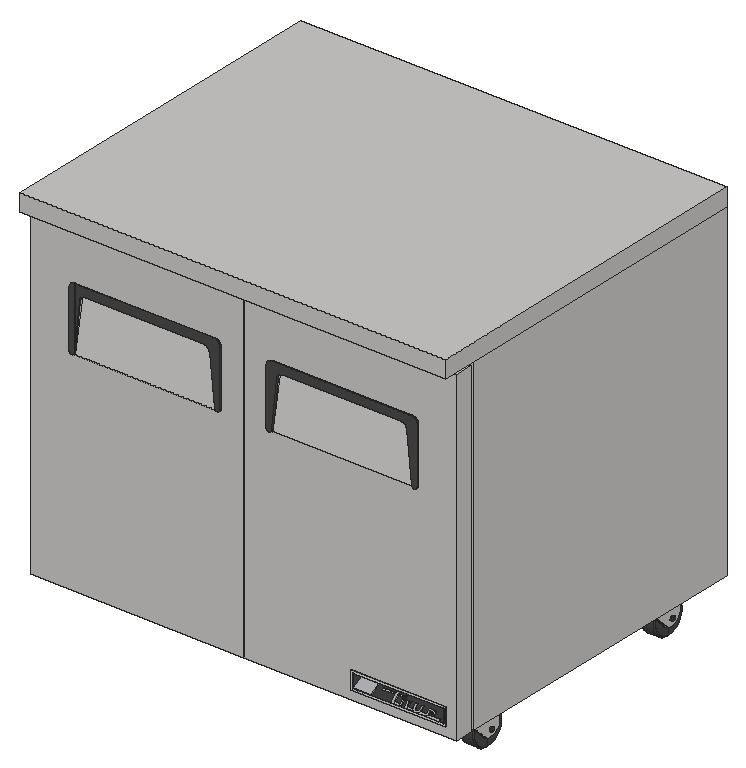
Revit family "QF_TRUE_TUC-36-ADA-HC", category Specialty Equipment, Revit 2016 (continued)
Definition of nested family "TUC-36-ADA-HC"
  Definition of nested family "QF_LOGO_TRUE"
    Forms (in)
      Extrusion 5, solid, not visible
        sketch origin (121.45701, -16.5, 4.98235) x (1, 0, 0) y (0, 0, 1)
          loop
            arc (26.02716, 34.91862) -> (26.27675, 35.021) -> (26.49584, 35.17841) r 1.15683
            line (26.49584, 35.17841) -> (26.35412, 35.17841)
        from 31.54261 to 31.56272
    Dimensions and locks (in)
      aligned and locked: level to plane 2
      aligned and locked: Extrusion 2 to Extrusion 3  (x2)
      aligned and locked: Extrusion 2 sketch curve to Extrusion 3
Definition of nested family "CASTERS"
  Parameters
    Weight = ""
    URL Manufacturer = ""
    URL Cutsheet = ""
    URL = ""
    Type Mark [instance] = ""
    Status [instance] = ""
    Specification by User [instance] = ""
    Specification by Manufacturer = ""
    Show 6" Casters [instance] = yes
    Serial Number = ""
    Seismic Rating = ""
    SMACNA No = ""
    Revision Code [instance] = ""
    Omniclass Number and Title = ""
    NAFEM Spec ID Number = ""
    Model = ""
    MasterSpec. = ""
    Manufacturer = ""
    Item Number [instance] = ""
    Installed By [instance] = ""
    Identify Quantity as Lot [instance] = yes
    Furnished By [instance] = ""
    Foodservice Equipment Identifier [instance] = yes
    Description = ""
    CSI MasterFormat = ""
    CSI Master Format = ""
    Assembly Code = ""
  Reference planes (in)
    plane 1: z = 0
    plane 2 "RIGHT": x = 0
    plane 3 "FRONT": y = 0
    plane 4 "TOP": z = 6.25
  Forms (in)
    Revolve 1, solid, visible <- "Show 6" Casters"
      sketch origin (0, 2.21793, 0.25) x (0, 1, 0) y (0, 0, 1)
        loop
          line (-2.21793, 6) -> (-2.21793, 5.55584) -> (-0.93693, 5.55584) -> (-0.93693, 6) -> (-2.21793, 6)
        axis (-2.21793, 5.55584) -> (-2.21793, 6)
      angle from 0 to 360
    Extrusion 2, solid, visible <- "Show 6" Casters"
      sketch origin (-1.81294, 2.21793, 0) x (0, 1, 0) y (0, 0, 1)
        loop
          line (-3.37793, 5.80584) -> (-3.37793, 5.25584) -> (-3.23369, 5.25584)
          arc (-3.23369, 5.25584) -> (-3.1238, 5.20977) -> (-3.03725, 5.12786) r 0.33195
          line (-3.03725, 5.12786) -> (-1.55521, 1.94961)
          arc (-1.55521, 1.94961) -> (-0.54268, 1.81523) -> (-0.22336, 2.78544) r 0.8
          arc (-0.22336, 2.78544) -> (-0.27816, 2.89808) -> (-0.34988, 3.00079) r 0.8
          arc (-0.34988, 3.00079) -> (-0.37005, 3.3613) -> (-0.26088, 3.70547) r 1
          line (-0.26088, 3.70547) -> (0.31507, 4.78867)
          arc (0.31507, 4.78867) -> (-0.09241, 4.97284) -> (-0.5252, 5.08531) r 2.63
          line (-0.5252, 5.08531) -> (-0.54193, 5.25584) -> (-1.05793, 5.25584) -> (-1.05793, 5.80584) -> (-3.37793, 5.80584)
      from 0.78968 to 0.90247
    Extrusion 3, solid, visible <- "Show 6" Casters"
      sketch origin (0.13094, 2.21793, 0) x (0, 1, 0) y (0, 0, 1)
        loop
          line (-3.37793, 5.80584) -> (-3.37793, 5.25584) -> (-3.23369, 5.25584)
          arc (-3.23369, 5.25584) -> (-3.1238, 5.20977) -> (-3.03725, 5.12786) r 0.33195
          line (-3.03725, 5.12786) -> (-1.55521, 1.94961)
          arc (-1.55521, 1.94961) -> (-0.54268, 1.81523) -> (-0.22336, 2.78544) r 0.8
          arc (-0.22336, 2.78544) -> (-0.27816, 2.89808) -> (-0.34988, 3.00079) r 0.8
          arc (-0.34988, 3.00079) -> (-0.37005, 3.3613) -> (-0.26088, 3.70547) r 1
          line (-0.26088, 3.70547) -> (0.31507, 4.78867)
          arc (0.31507, 4.78867) -> (-0.09241, 4.97284) -> (-0.5252, 5.08531) r 2.63
          line (-0.5252, 5.08531) -> (-0.54193, 5.25584) -> (-1.05793, 5.25584) -> (-1.05793, 5.80584) -> (-3.37793, 5.80584)
      from 0.78968 to 0.90247
    Extrusion 4, solid, visible <- "Show 6" Casters"
      sketch origin (-1.93794, 2.21793, 0) x (0, 1, 0) y (0, 0, 1)
        loop
          line (-3.37793, 5.80584) -> (-3.37793, 5.25584) -> (-3.23369, 5.25584) -> (-0.7432, 5.03796) -> (0.2811, 4.72479) -> (0.31507, 4.78867)
          arc (0.31507, 4.78867) -> (-0.09241, 4.97284) -> (-0.5252, 5.08531) r 2.63
          line (-0.5252, 5.08531) -> (-0.54193, 5.25584) -> (-1.05793, 5.25584) -> (-1.05793, 5.80584) -> (-3.37793, 5.80584)
      from 1.02747 to 2.85669
    Revolve 5, solid, visible <- "Show 6" Casters"
      sketch origin (-1.93794, 1.21343, 0) x (1, 0, 0) y (0, 0, 1)
        loop
          line (0.5843, 2.5) -> (3.2907, 2.5) -> (3.2907, 2.6421) -> (3.2407, 2.6921) -> (3.1807, 2.6921) -> (3.1807, 2.8278) -> (2.7025, 2.8278) -> (2.7025, 3.22009) -> (2.5625, 3.30092) -> (2.42914, 4.125) -> (2.59375, 4.125) -> (2.59375, 4.375) -> (2.5625, 4.375) -> (2.5625, 4.625)
          arc (2.5625, 4.625) -> (2.45267, 4.89017) -> (2.1875, 5) r 0.375
          line (2.1875, 5) -> (1.6875, 5)
          arc (1.6875, 5) -> (1.42233, 4.89017) -> (1.3125, 4.625) r 0.375
          line (1.3125, 4.625) -> (1.3125, 4.375) -> (1.28125, 4.375) -> (1.28125, 4.125) -> (1.44586, 4.125) -> (1.31307, 3.30443) -> (1.1725, 3.22327) -> (1.1725, 2.8278) -> (0.6943, 2.8278) -> (0.6943, 2.6921) -> (0.6343, 2.6921) -> (0.5843, 2.6421) -> (0.5843, 2.5)
        axis (0.5843, 2.5) -> (3.2907, 2.5)
      angle from 0 to 360
  Cuts and joins
    joined: Extrusion 2, Extrusion 3, Extrusion 4
  Lines and regions (in)
    symbolic lines, visible <- "Show 6" Casters"
      curve 1: line (0.70901, 2.6399, 0) -> (1.79507, 2.01286, 0)
      curve 2: line (-1.79099, -1.69023, 0) -> (0.70901, 2.6399, 0)
      curve 3: line (-0.70493, -2.31727, 0) -> (-1.79099, -1.69023, 0)
      curve 4: line (1.79507, 2.01286, 0) -> (-0.70493, -2.31727, 0)
  Dimensions and locks (in)
    plane 4 "TOP" to level = 6 1/4"  (x2)
    aligned and locked: level to plane 1
Definition of nested family "LOW PROFILE CASTERS"
  Parameters
    Weight = ""
    URL Manufacturer = ""
    URL Cutsheet = ""
    URL = ""
    Type Mark [instance] = ""
    Status [instance] = ""
    Specification by User [instance] = ""
    Specification by Manufacturer = ""
    Show Casters [instance] = yes
    Serial Number = ""
    Seismic Rating = ""
    SMACNA No = ""
    Revision Code [instance] = ""
    Omniclass Number and Title = ""
    NAFEM Spec ID Number = ""
    Model = ""
    MasterSpec. = ""
    Manufacturer = ""
    Item Number [instance] = ""
    Installed By [instance] = ""
    Identify Quantity as Lot [instance] = yes
    Furnished By [instance] = ""
    Foodservice Equipment Identifier [instance] = yes
    Description = ""
    CSI MasterFormat = ""
    CSI Master Format = ""
  Reference planes (in)
    plane 1 "BACK": y = 0
    plane 2: z = 0
    plane 3 "LEFT": x = 0
    plane 4 "RIGHT": x = 48
    plane 5 "FRONT": y = -48
    plane 6 "TOP": z = 2.125
    plane 7: z = 0.98438
  Forms (in)
    Revolve 1, solid, visible <- "Show Casters"
      sketch origin (-1.93794, 0.71343, -1.5) x (1, 0, 0) y (0, 0, 1)
        loop
          line (1.17906, 2.17969) -> (1.17906, 2.05469) -> (1.44663, 2.05469) -> (1.44663, 1.63356)
          arc (1.44663, 1.63356) -> (1.48575, 1.53912) -> (1.58019, 1.5) r 0.13356
          line (1.58019, 1.5) -> (1.76381, 1.5)
          arc (1.76381, 1.5) -> (1.85825, 1.53912) -> (1.89737, 1.63356) r 0.13356
          line (1.89737, 1.63356) -> (1.89737, 2.05469) -> (1.97851, 2.05469) -> (1.97851, 1.63356)
          arc (1.97851, 1.63356) -> (2.01763, 1.53912) -> (2.11207, 1.5) r 0.13356
          line (2.11207, 1.5) -> (2.29569, 1.5)
          arc (2.29569, 1.5) -> (2.39013, 1.53912) -> (2.42925, 1.63356) r 0.13356
          line (2.42925, 1.63356) -> (2.42925, 2.05469) -> (2.69682, 2.05469) -> (2.69682, 2.17969) -> (1.17906, 2.17969)
        axis (1.17906, 2.17969) -> (2.69682, 2.17969)
      angle from 0 to 360
    Extrusion 2, solid, visible <- "Show Casters"
      sketch origin (-1.43794, 2.21793, -2.80325) x (0, 1, 0) y (0, 0, 1)
        loop
          line (-2.98884, 4.55325) -> (-2.98884, 3.98928) -> (-1.75639, 3.18891)
          arc (-1.75639, 3.18891) -> (-1.29435, 3.17076) -> (-1.05793, 3.56814) r 0.45218
          line (-1.05793, 3.56814) -> (-1.05793, 4.55325) -> (-2.98884, 4.55325)
      from 0.78968 to 0.90247
    Extrusion 3, solid, visible <- "Show Casters"
      sketch origin (-0.24406, 2.21793, -2.80325) x (0, 1, 0) y (0, 0, 1)
        loop
          line (-2.98884, 4.55325) -> (-2.98884, 3.98928) -> (-1.75639, 3.18891)
          arc (-1.75639, 3.18891) -> (-1.29435, 3.17076) -> (-1.05793, 3.56814) r 0.45218
          line (-1.05793, 3.56814) -> (-1.05793, 4.55325) -> (-2.98884, 4.55325)
      from 0.78968 to 0.90247
    Revolve 4, solid, visible <- "Show Casters"
      sketch origin (0, 2.21793, -4) x (0, 1, 0) y (0, 0, 1)
        loop
          line (-2.21793, 6.125) -> (-2.21793, 5.75) -> (-1.46793, 5.75) -> (-1.46793, 6.125) -> (-2.21793, 6.125)
        axis (-2.21793, 5.75) -> (-2.21793, 6.125)
      angle from 0 to 360
    Extrusion 5, solid, visible <- "Show Casters"
      sketch origin (-1.93794, 2.21793, -4) x (0, 1, 0) y (0, 0, 1)
        loop
          line (-2.98884, 5.75) -> (-2.98884, 5.46776) -> (-1.05793, 5.46776) -> (-1.05793, 5.75) -> (-2.98884, 5.75)
      from 1.40247 to 2.48356
  Lines and regions (in)
    symbolic lines, visible <- "Show Casters"
      curve 1: line (0.1802, 1.09251, 0) -> (0.82972, 0.71751, 0)
      curve 2: line (-0.8198, -0.63954, 0) -> (0.1802, 1.09251, 0)
      curve 3: line (-0.17028, -1.01454, 0) -> (-0.8198, -0.63954, 0)
      curve 4: line (0.82972, 0.71751, 0) -> (-0.17028, -1.01454, 0)
  Dimensions and locks (in)
    plane 6 "TOP" to level = 2 1/8"  (x2)
    aligned and locked: level to plane 2
